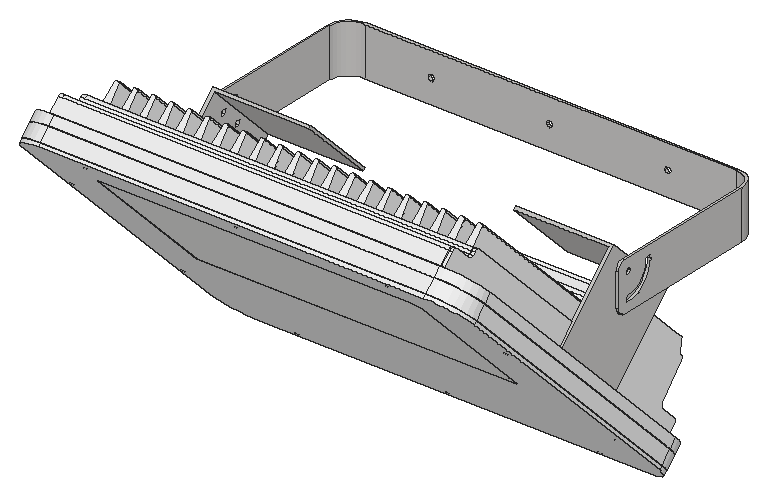
Revit family "FT ATEX LED MAX_2021", category Luminarias, Revit 2021 (continued)
Types (12, lengths in mm): name | Wattage | Power | Position | Archivo de red fotométrica | built-in parameter 1150142 | Modules | Lumens | built-in parameter 1150105 | built-in parameter 1150106 | Equiv MH
  PA204A | 90.2102 W | 97 W | 90.00° | "PA204A.ies" | "IESNA:LM-63-2002\r\n[TEST] 2020-10-2/Converted LDT Editor version 1.3.0.0 - DIAL GmbH (www.dial.de) on 15-09-2020\r\n[TESTLAB] ies2eulumdat.appspot.com\r\n[ISSUEDATE] 2020-10-06T06:28:30.847\r\n[MANUFAC] AIRFAL INTERNATIONAL S.L.\r\n[LUMCAT] PA204A\r\n[LUMINAIRE] LED MAX 98W 14244lm EXTENSIVO\r\n[LAMPCAT] TRIDONIC LED MODULE\r\n[LAMP] TRIDONIC LED MODULE\r\nTILT=NONE\r\n1\t14244\t1\t91\t72\t1\t2\t0.223\t0.200\t0.003\r\n1.0\t1.0\t103.00\r\n0\t 2\t 4\t 6\t 8\t 10\t 12\t 14\t 16\t 18\r\n20\t 22\t 24\t 26\t 28\t 30\t 32\t 34\t 36\t 38\r\n40\t 42\t 44\t 46\t 48\t 50\t 52\t 54\t 56\t 58\r\n60\t 62\t 64\t 66\t 68\t 70\t 72\t 74\t 76\t 78\r\n80\t 82\t 84\t 86\t 88\t 90\t 92\t 94\t 96\t 98\r\n100\t 102\t 104\t 106\t 108\t 110\t 112\t 114\t 116\t 118\r\n120\t 122\t 124\t 126\t 128\t 130\t 132\t 134\t 136\t 138\r\n140\t 142\t 144\t 146\t 148\t 150\t 152\t 154\t 156\t 158\r\n160\t 162\t 164\t 166\t 168\t 170\t 172\t 174\t 176\t 178\r\n180\r\n0\t 5\t 10\t 15\t 20\t 25\t 30\t 35\t 40\t 45\r\n50\t 55\t 60\t 65\t 70\t 75\t 80\t 85\t 90\t 95\r\n100\t 105\t 110\t 115\t 120\t 125\t 130\t 135\t 140\t 145\r\n150\t 155\t 160\t 165\t 170\t 175\t 180\t 185\t 190\t 195\r\n200\t 205\t 210\t 215\t 220\t 225\t 230\t 235\t 240\t 245\r\n250\t 255\t 260\t 265\t 270\t 275\t 280\t 285\t 290\t 295\r\n300\t 305\t 310\t 315\t 320\t 325\t 330\t 335\t 340\t 345\r\n350\t 355\r\n1071.861\t1073.4278\t1076.704\t1087.6718\t1095.7909\t1113.311\t1126.4155\t1141.6566\t1152.6245\t1163.5924\r\n1174.4178\t1184.2462\t1200.057\t1219.144\t1251.9052\t1289.6518\t1332.0989\t1373.6914\t1417.278\t1464.2832\r\n1512.8552\t1568.4068\t1630.0834\t1688.0564\t1756.7125\t1830.9238\t1919.379\t2027.491\t2172.0676\t2357.6669\r\n2563.92\t2788.263\t3016.3094\t3260.3092\t3514.5646\t3717.684\t3805.427\t3724.6636\t3387.5081\t2830.2828\r\n2151.8411\t1479.5243\t1006.3386\t680.0086\t481.3048\t353.6785\t0\t0\t0\t0\r\n0\t0\t0\t0\t0\t0\t0\t0\t0\t0\r\n0\t0\t0\t0\t0\t0\t0\t0\t0\t0\r\n0\t0\t0\t0\t0\t0\t0\t0\t0\t0\r\n0\t0\t0\t0\t0\t0\t0\t0\t0\t0\r\n0\r\n1068.3\t1070.7215\t1075.1371\t1084.3957\t1095.0787\t1108.8954\t1123.7092\t1136.2439\t1147.4966\t1159.4616\r\n1171.4266\t1183.9613\t1200.057\t1221.9928\t1254.6115\t1293.2128\t1335.6599\t1376.9675\t1419.2722\t1462.5739\r\n1511.7157\t1566.5551\t1627.6619\t1687.2018\t1755.1457\t1831.7784\t1921.5156\t2034.7554\t2181.0413\t2366.0708\r\n2575.6001\t2799.6582\t3030.8383\t3274.5532\t3526.672\t3719.5357\t3798.4475\t3710.2771\t3372.4094\t2821.3091\r\n2149.9894\t1492.059\t1025.9953\t704.7931\t487.1448\t356.9546\t0\t0\t0\t0\r\n0\t0\t0\t0\t0\t0\t0\t0\t0\t0\r\n0\t0\t0\t0\t0\t0\t0\t0\t0\t0\r\n0\t0\t0\t0\t0\t0\t0\t0\t0\t0\r\n0\t0\t0\t0\t0\t0\t0\t0\t0\t0\r\n0\r\n1064.739\t1068.0151\t1073.4278\t1081.1196\t1094.2241\t1104.6222\t1121.0028\t1130.8312\t1142.2264\t1155.3308\r\n1168.4353\t1183.6764\t1200.057\t1224.6991\t1257.4603\t1296.6313\t1339.2209\t1380.2436\t1421.1239\t1461.0071\r\n1510.5762\t1564.7034\t1625.2404\t1686.3472\t1753.4364\t1832.633\t1923.7946\t2042.1623\t2190.015\t2374.4748\r\n2587.4226\t2811.1958\t3045.2248\t3288.6547\t3538.6369\t3721.3874\t3791.3255\t3695.7482\t3357.4532\t2812.1929\r\n2147.9952\t1504.5937\t1045.652\t729.7201\t492.8424\t360.2308\t0\t0\t0\t0\r\n0\t0\t0\t0\t0\t0\t0\t0\t0\t0\r\n0\t0\t0\t0\t0\t0\t0\t0\t0\t0\r\n0\t0\t0\t0\t0\t0\t0\t0\t0\t0\r\n0\t0\t0\t0\t0\t0\t0\t0\t0\t0\r\n0\r\n1063.1722\t1066.7332\t1072.7156\t1081.6894\t1093.0846\t1105.6193\t1119.5784\t1131.116\t1142.7961\t1154.7611\r\n1168.1504\t1182.6793\t1200.9116\t1223.5596\t1255.4662\t1293.3552\t1333.8082\t1375.2582\t1415.996\t1461.7193\r\n1511.146\t1566.5551\t1626.6648\t1688.1989\t1758.1369\t1835.6243\t1928.0678\t2048.1448\t2201.5526\t2387.8642\r\n2604.373\t2830.2828\t3058.6141\t3299.9075\t3545.474\t3730.2187\t3792.6074\t3696.318\t3367.2816\t2813.3324\r\n2136.6\t1474.8238\t1001.4956\t689.2672\t482.7292\t354.6756\t0\t0\t0\t0\r\n0\t0\t0\t0\t0\t0\t0\t0\t0\t0\r\n0\t0\t0\t0\t0\t0\t0\t0\t0\t0\r\n0\t0\t0\t0\t0\t0\t0\t0\t0\t0\r\n0\t0\t0\t0\t0\t0\t0\t0\t0\t0\r\n0\r\n1061.4629\t1065.3088\t1071.861\t1082.2591\t1092.0875\t1106.7588\t1118.2964\t1131.4009\t1143.3659\t1154.1913\r\n1167.8656\t1181.5398\t1201.7663\t1222.4201\t1253.6144\t1290.0791\t1328.3954\t1370.4152\t1410.7258\t1462.5739\r\n1511.7157\t1568.4068\t1627.9468\t1690.193\t1762.695\t1838.6155\t1932.4835\t2054.1272\t2212.9478\t2401.2535\r\n2621.1809\t2849.3698\t3072.0035\t3311.0178\t3552.3112\t3738.9076\t3794.0318\t3696.8878\t3377.11\t2814.472\r\n2125.2048\t1445.1962\t957.1968\t648.9566\t472.6159\t349.2629\t0\t0\t0\t0\r\n0\t0\t0\t0\t0\t0\t0\t0\t0\t0\r\n0\t0\t0\t0\t0\t0\t0\t0\t0\t0\r\n0\t0\t0\t0\t0\t0\t0\t0\t0\t0\r\n0\t0\t0\t0\t0\t0\t0\t0\t0\t0\r\n0\r\n1060.1809\t1065.0239\t1071.2912\t1082.2591\t1092.0875\t1105.9042\t1119.2935\t1131.4009\t1144.6478\t1155.046\r\n1170.1446\t1184.8159\t1202.7634\t1224.6991\t1252.4749\t1286.3756\t1322.413\t1361.8688\t1402.3218\t1448.6148\r\n1497.4717\t1551.5989\t1611.5662\t1674.3822\t1747.169\t1828.2174\t1922.0854\t2046.8628\t2205.1136\t2393.9891\r\n2611.3525\t2841.3931\t3070.4366\t3309.451\t3551.1716\t3743.6081\t3814.2583\t3714.123\t3392.6359\t2832.1345\r\n2124.0653\t1425.5395\t936.8279\t634.4278\t463.0724\t342.7106\t0\t0\t0\t0\r\n0\t0\t0\t0\t0\t0\t0\t0\t0\t0\r\n0\t0\t0\t0\t0\t0\t0\t0\t0\t0\r\n0\t0\t0\t0\t0\t0\t0\t0\t0\t0\r\n0\t0\t0\t0\t0\t0\t0\t0\t0\t0\r\n0\r\n1058.7565\t1064.739\t1070.7215\t1082.2591\t1092.0875\t1105.192\t1120.433\t1131.4009\t1146.0722\t1155.9006\r\n1172.2812\t1188.092\t1203.9029\t1226.8357\t1251.3354\t1282.5298\t1316.288\t1353.4649\t1393.7754\t1434.7981\r\n1483.3702\t1534.6486\t1595.1856\t1658.5714\t1731.6431\t1817.8193\t1911.6872\t2039.4559\t2197.137\t2386.5822\r\n2601.5242\t2833.5589\t3068.7274\t3307.7417\t3550.0321\t3748.1662\t3834.4848\t3731.2158\t3408.1619\t2849.9395\r\n2122.9258\t1405.8828\t916.3165\t619.8989\t453.529\t336.1584\t0\t0\t0\t0\r\n0\t0\t0\t0\t0\t0\t0\t0\t0\t0\r\n0\t0\t0\t0\t0\t0\t0\t0\t0\t0\r\n0\t0\t0\t0\t0\t0\t0\t0\t0\t0\r\n0\t0\t0\t0\t0\t0\t0\t0\t0\t0\r\n0\r\n1059.0414\t1064.739\t1071.861\t1082.8289\t1093.6543\t1105.9042\t1121.5726\t1132.6829\t1146.9269\t1158.607\r\n1173.848\t1189.6589\t1204.4726\t1225.6962\t1249.1988\t1279.5385\t1311.73\t1348.337\t1389.5022\t1432.5191\r\n1479.5243\t1531.6573\t1590.9124\t1652.0191\t1723.2391\t1806.4241\t1900.0072\t2024.927\t2180.7564\t2370.4865\r\n2586.8528\t2820.7393\t3056.1926\t3299.3377\t3549.035\t3756.4277\t3852.7171\t3766.256\t3456.1642\t2889.253\r\n2140.4459\t1400.6125\t905.6335\t612.6344\t450.5377\t338.1526\t0\t0\t0\t0\r\n0\t0\t0\t0\t0\t0\t0\t0\t0\t0\r\n0\t0\t0\t0\t0\t0\t0\t0\t0\t0\r\n0\t0\t0\t0\t0\t0\t0\t0\t0\t0\r\n0\t0\t0\t0\t0\t0\t0\t0\t0\t0\r\n0\r\n1059.3263\t1064.739\t1073.0005\t1083.2562\t1095.3636\t1106.7588\t1122.5696\t1134.1073\t1147.6391\t1161.3133\r\n1175.5573\t1191.3682\t1205.0424\t1224.6991\t1247.0622\t1276.5473\t1307.0294\t1343.0668\t1385.0866\t1430.3825\r\n1475.6784\t1528.6661\t1586.4967\t1645.4669\t1714.6927\t1795.0289\t1888.3271\t2010.5406\t2164.3758\t2354.3908\r\n2572.0391\t2807.9197\t3043.6579\t3290.7913\t3547.8955\t3764.5468\t3870.9494\t3801.1538\t3504.3089\t2928.424\r\n2157.8236\t1395.4847\t895.093\t605.2276\t447.5465\t340.0043\t0\t0\t0\t0\r\n0\t0\t0\t0\t0\t0\t0\t0\t0\t0\r\n0\t0\t0\t0\t0\t0\t0\t0\t0\t0\r\n0\t0\t0\t0\t0\t0\t0\t0\t0\t0\r\n0\t0\t0\t0\t0\t0\t0\t0\t0\t0\r\n0\r\n1060.8931\t1065.3088\t1074.5674\t1085.2504\t1096.6456\t1109.4652\t1123.4243\t1136.5288\t1149.9181\t1164.0197\r\n1178.5486\t1192.7926\t1208.6034\t1226.8357\t1250.0534\t1274.5531\t1305.1777\t1337.9389\t1377.6797\t1420.5541\r\n1466.4198\t1518.8377\t1575.8137\t1635.3536\t1704.5795\t1787.3371\t1882.3446\t2001.5669\t2156.8265\t2345.5595\r\n2562.7805\t2799.6582\t3039.812\t3291.0762\t3552.596\t3778.7908\t3890.891\t3832.2058\t3543.4799\t2964.1764\r\n2168.5066\t1386.2261\t889.2529\t593.5475\t441.564\t334.3067\t0\t0\t0\t0\r\n0\t0\t0\t0\t0\t0\t0\t0\t0\t0\r\n0\t0\t0\t0\t0\t0\t0\t0\t0\t0\r\n0\t0\t0\t0\t0\t0\t0\t0\t0\t0\r\n0\t0\t0\t0\t0\t0\t0\t0\t0\t0\r\n0\r\n1062.6024\t1065.8785\t1076.2766\t1087.1021\t1098.07\t1112.1715\t1124.2789\t1138.9502\t1152.0547\t1166.8685\r\n1181.5398\t1194.0745\t1212.1644\t1228.9723\t1253.0447\t1272.7014\t1303.1836\t1332.6686\t1370.4152\t1410.7258\r\n1457.1612\t1509.0094\t1565.2732\t1625.2404\t1694.6087\t1779.6454\t1876.2197\t1992.5932\t2149.1347\t2336.8706\r\n2553.5219\t2791.5391\t3035.9662\t3291.3611\t3557.1541\t3792.8923\t3910.8326\t3863.4001\t3582.7933\t2999.9288\r\n2179.1896\t1376.9675\t883.5553\t581.725\t435.4391\t328.6091\t0\t0\t0\t0\r\n0\t0\t0\t0\t0\t0\t0\t0\t0\t0\r\n0\t0\t0\t0\t0\t0\t0\t0\t0\t0\r\n0\t0\t0\t0\t0\t0\t0\t0\t0\t0\r\n0\t0\t0\t0\t0\t0\t0\t0\t0\t0\r\n0\r\n1062.3175\t1066.1634\t1076.2766\t1086.8172\t1098.07\t1113.0262\t1124.9911\t1140.3746\t1153.4791\t1167.2958\r\n1182.1096\t1195.4989\t1212.8766\t1228.9723\t1250.9081\t1270.9921\t1300.1923\t1328.6803\t1364.4328\t1405.5979\r\n1451.1787\t1503.3118\t1558.7209\t1620.5399\t1689.6233\t1772.5234\t1869.2401\t1990.0292\t2147.283\t2336.016\r\n2550.8155\t2788.263\t3032.4052\t3286.2332\t3551.7414\t3788.3342\t3909.1234\t3858.9845\t3575.244\t2985.5424\r\n2163.9485\t1371.1274\t879.1397\t588.847\t439.0001\t331.8852\t0\t0\t0\t0\r\n0\t0\t0\t0\t0\t0\t0\t0\t0\t0\r\n0\t0\t0\t0\t0\t0\t0\t0\t0\t0\r\n0\t0\t0\t0\t0\t0\t0\t0\t0\t0\r\n0\t0\t0\t0\t0\t0\t0\t0\t0\t0\r\n0\r\n1062.0326\t1066.4483\t1076.2766\t1086.5323\t1098.07\t1113.8808\t1125.8458\t1141.6566\t1154.7611\t1167.8656\r\n1182.6793\t1196.7809\t1213.7312\t1228.9723\t1248.629\t1269.4253\t1297.2011\t1324.5496\t1358.3078\t1400.3276\r\n1445.1962\t1497.4717\t1552.1687\t1615.9818\t1684.7803\t1765.5438\t1862.1181\t1987.6078\t2145.2888\t2335.3038\r\n2548.1092\t2784.9869\t3028.8442\t3280.963\t3546.3287\t3783.6337\t3907.5565\t3854.5688\t3567.5522\t2971.0135\r\n2148.565\t1365.4298\t874.8665\t595.969\t442.5611\t335.0189\t0\t0\t0\t0\r\n0\t0\t0\t0\t0\t0\t0\t0\t0\t0\r\n0\t0\t0\t0\t0\t0\t0\t0\t0\t0\r\n0\t0\t0\t0\t0\t0\t0\t0\t0\t0\r\n0\t0\t0\t0\t0\t0\t0\t0\t0\t0\r\n0\r\n1060.8931\t1066.8756\t1075.7069\t1086.8172\t1098.9246\t1113.5959\t1126.4155\t1141.0868\t1154.7611\t1167.2958\r\n1182.6793\t1196.7809\t1212.8766\t1229.827\t1248.3442\t1269.1404\t1295.3494\t1323.6949\t1357.5956\t1399.0457\r\n1443.487\t1494.7654\t1550.7443\t1610.9964\t1683.071\t1764.1194\t1863.1152\t1989.4595\t2148.8498\t2341.0014\r\n2557.3678\t2792.2513\t3036.251\t3288.3698\t3553.878\t3791.6104\t3910.5478\t3842.8888\t3549.6048\t2948.6504\r\n2139.8761\t1366.5694\t883.2704\t604.6578\t450.2528\t341.856\t0\t0\t0\t0\r\n0\t0\t0\t0\t0\t0\t0\t0\t0\t0\r\n0\t0\t0\t0\t0\t0\t0\t0\t0\t0\r\n0\t0\t0\t0\t0\t0\t0\t0\t0\t0\r\n0\t0\t0\t0\t0\t0\t0\t0\t0\t0\r\n0\r\n1059.896\t1067.4454\t1075.1371\t1087.1021\t1099.6368\t1113.311\t1126.9853\t1140.6595\t1154.7611\t1166.8685\r\n1182.6793\t1196.7809\t1212.1644\t1230.6816\t1248.0593\t1268.8555\t1293.3552\t1322.8403\t1356.741\t1397.6213\r\n1441.9201\t1492.059\t1549.3199\t1606.1534\t1681.5042\t1762.695\t1864.2547\t1991.4536\t2152.4108\t2346.699\r\n2566.6264\t2799.6582\t3043.6579\t3295.7767\t3561.5698\t3799.4446\t3913.539\t3831.2087\t3531.5149\t2926.2874\r\n2131.1873\t1367.7089\t891.8168\t613.4891\t457.9446\t348.6931\t0\t0\t0\t0\r\n0\t0\t0\t0\t0\t0\t0\t0\t0\t0\r\n0\t0\t0\t0\t0\t0\t0\t0\t0\t0\r\n0\t0\t0\t0\t0\t0\t0\t0\t0\t0\r\n0\t0\t0\t0\t0\t0\t0\t0\t0\t0\r\n0\r\n1059.3263\t1066.8756\t1075.422\t1086.5323\t1099.9217\t1112.4564\t1127.2702\t1140.0898\t1154.0489\t1165.729\r\n1180.97\t1195.4989\t1210.74\t1229.827\t1248.0593\t1270.5648\t1295.6342\t1325.8315\t1360.302\t1400.8974\r\n1446.7631\t1496.1898\t1551.5989\t1610.7115\t1685.0652\t1769.2472\t1870.807\t1998.8605\t2157.8236\t2349.9751\r\n2568.3356\t2803.5041\t3047.2189\t3301.1894\t3571.3981\t3807.7061\t3913.8239\t3815.113\t3505.5908\t2905.0638\r\n2120.2194\t1371.6972\t897.7993\t618.6169\t462.7876\t351.257\t0\t0\t0\t0\r\n0\t0\t0\t0\t0\t0\t0\t0\t0\t0\r\n0\t0\t0\t0\t0\t0\t0\t0\t0\t0\r\n0\t0\t0\t0\t0\t0\t0\t0\t0\t0\r\n0\t0\t0\t0\t0\t0\t0\t0\t0\t0\r\n0\r\n1058.7565\t1066.4483\t1075.7069\t1086.105\t1100.2066\t1111.7442\t1127.555\t1139.52\t1153.1942\t1164.5894\r\n1179.4032\t1194.0745\t1209.3156\t1228.9723\t1248.0593\t1272.1316\t1297.7708\t1328.9652\t1363.863\t1404.1735\r\n1451.7485\t1500.3205\t1553.7355\t1615.412\t1688.4838\t1775.7995\t1877.3592\t2006.125\t2163.3787\t2353.2512\r\n2569.9025\t2807.35\t3050.7799\t3306.7446\t3581.2265\t3815.8252\t3914.1088\t3798.8748\t3479.6668\t2883.6978\r\n2109.2515\t1375.828\t903.7818\t623.7448\t467.773\t353.6785\t0\t0\t0\t0\r\n0\t0\t0\t0\t0\t0\t0\t0\t0\t0\r\n0\t0\t0\t0\t0\t0\t0\t0\t0\t0\r\n0\t0\t0\t0\t0\t0\t0\t0\t0\t0\r\n0\t0\t0\t0\t0\t0\t0\t0\t0\t0\r\n0\r\n1059.6112\t1065.3088\t1075.1371\t1085.2504\t1098.6397\t1112.0291\t1126.1306\t1138.9502\t1150.9152\t1162.7377\r\n1177.1242\t1192.7926\t1208.8883\t1227.1206\t1248.629\t1272.4165\t1301.047\t1333.5233\t1370.1304\t1412.435\r\n1459.2978\t1510.5762\t1564.7034\t1626.6648\t1698.8819\t1784.061\t1885.7632\t2011.965\t2170.5007\t2358.3791\r\n2577.0245\t2811.908\t3055.338\t3312.4422\t3590.2002\t3831.9209\t3926.3586\t3803.2904\t3473.9692\t2875.009\r\n2105.5481\t1372.5518\t904.6364\t622.1779\t465.4939\t351.9692\t0\t0\t0\t0\r\n0\t0\t0\t0\t0\t0\t0\t0\t0\t0\r\n0\t0\t0\t0\t0\t0\t0\t0\t0\t0\r\n0\t0\t0\t0\t0\t0\t0\t0\t0\t0\r\n0\t0\t0\t0\t0\t0\t0\t0\t0\t0\r\n0\r\n1060.3234\t1064.1692\t1074.5674\t1084.3957\t1096.9304\t1112.1715\t1124.8487\t1138.3805\t1148.7786\t1160.7436\r\n1174.9876\t1191.3682\t1208.3185\t1225.2689\t1249.1988\t1272.7014\t1304.3231\t1338.2238\t1376.3977\t1420.5541\r\n1466.9896\t1520.9743\t1575.5288\t1637.7751\t1709.28\t1792.1801\t1894.3096\t2017.6626\t2177.4803\t2363.6494\r\n2584.1465\t2816.6086\t3060.0385\t3318.1398\t3599.1739\t3848.0166\t3938.6084\t3807.7061\t3468.2716\t2866.3201\r\n2101.7022\t1369.2757\t905.3486\t620.4686\t463.3573\t350.4024\t0\t0\t0\t0\r\n0\t0\t0\t0\t0\t0\t0\t0\t0\t0\r\n0\t0\t0\t0\t0\t0\t0\t0\t0\t0\r\n0\t0\t0\t0\t0\t0\t0\t0\t0\t0\r\n0\t0\t0\t0\t0\t0\t0\t0\t0\t0\r\n0\r\n1060.3234\t1063.8844\t1074.2825\t1083.826\t1096.6456\t1110.6047\t1123.1394\t1136.5288\t1147.4966\t1160.0314\r\n1173.1358\t1189.6589\t1206.6092\t1224.4142\t1248.629\t1274.838\t1308.169\t1342.2121\t1382.0953\t1425.5395\r\n1473.5418\t1527.8114\t1582.9357\t1645.4669\t1716.9718\t1800.1567\t1899.1525\t2021.6509\t2177.7652\t2361.9401\r\n2582.1523\t2812.1929\t3052.9165\t3308.8812\t3584.5026\t3832.2058\t3931.344\t3818.3891\t3482.3731\t2878.0002\r\n2104.6934\t1371.1274\t903.212\t618.332\t460.9358\t349.5478\t0\t0\t0\t0\r\n0\t0\t0\t0\t0\t0\t0\t0\t0\t0\r\n0\t0\t0\t0\t0\t0\t0\t0\t0\t0\r\n0\t0\t0\t0\t0\t0\t0\t0\t0\t0\r\n0\t0\t0\t0\t0\t0\t0\t0\t0\t0\r\n0\r\n1060.3234\t1063.5995\t1073.9976\t1083.2562\t1096.3607\t1108.8954\t1121.5726\t1134.677\t1146.0722\t1159.1767\r\n1171.1417\t1188.092\t1205.0424\t1223.5596\t1248.0593\t1277.117\t1312.0148\t1346.3429\t1387.7929\t1430.3825\r\n1480.094\t1534.6486\t1590.3426\t1653.0162\t1724.5211\t1807.9909\t1904.1379\t2025.7817\t2178.05\t2360.3732\r\n2580.3006\t2807.9197\t3045.7945\t3299.6226\t3569.6888\t3816.3949\t3923.9371\t3828.9296\t3496.6171\t2889.6803\r\n2107.6847\t1373.1216\t901.0754\t616.1954\t458.3719\t348.6931\t0\t0\t0\t0\r\n0\t0\t0\t0\t0\t0\t0\t0\t0\t0\r\n0\t0\t0\t0\t0\t0\t0\t0\t0\t0\r\n0\t0\t0\t0\t0\t0\t0\t0\t0\t0\r\n0\t0\t0\t0\t0\t0\t0\t0\t0\t0\r\n0\r\n1060.1809\t1063.8844\t1073.0005\t1082.8289\t1094.509\t1107.3286\t1118.7238\t1132.9678\t1143.3659\t1156.4704\r\n1169.29\t1185.3857\t1202.336\t1219.9986\t1246.7773\t1275.6926\t1311.4451\t1348.0522\t1391.6388\t1436.9347\r\n1486.9312\t1542.6252\t1599.0314\t1659.5684\t1729.7914\t1808.5607\t1903.2833\t2024.2148\t2176.4832\t2358.2366\r\n2574.0332\t2800.5128\t3035.9662\t3284.8088\t3542.1979\t3778.7908\t3889.6091\t3815.5403\t3495.4776\t2896.5174\r\n2114.2369\t1377.3948\t907.3428\t622.4628\t464.4968\t352.539\t0\t0\t0\t0\r\n0\t0\t0\t0\t0\t0\t0\t0\t0\t0\r\n0\t0\t0\t0\t0\t0\t0\t0\t0\t0\r\n0\t0\t0\t0\t0\t0\t0\t0\t0\t0\r\n0\t0\t0\t0\t0\t0\t0\t0\t0\t0\r\n0\r\n1059.896\t1064.1692\t1071.861\t1082.2591\t1092.5148\t1105.6193\t1116.0174\t1131.4009\t1140.6595\t1153.764\r\n1167.2958\t1182.6793\t1199.4872\t1216.4376\t1245.3529\t1274.2682\t1310.8753\t1349.619\t1395.4847\t1443.487\r\n1493.7683\t1550.4594\t1607.7203\t1666.1207\t1734.9192\t1809.1304\t1902.4286\t2022.5056\t2174.7739\t2355.9576\r\n2567.7659\t2793.106\t3026.1378\t3270.1375\t3514.5646\t3741.0442\t3855.1386\t3802.1509\t3494.4805\t2903.3545\r\n2120.7892\t1381.8104\t913.6102\t628.7302\t470.4793\t356.3849\t0\t0\t0\t0\r\n0\t0\t0\t0\t0\t0\t0\t0\t0\t0\r\n0\t0\t0\t0\t0\t0\t0\t0\t0\t0\r\n0\t0\t0\t0\t0\t0\t0\t0\t0\t0\r\n0\t0\t0\t0\t0\t0\t0\t0\t0\t0\r\n0\r\n1059.896\t1063.8844\t1071.5761\t1080.5498\t1090.948\t1102.9129\t1114.4506\t1128.1248\t1138.9502\t1152.0547\r\n1164.3046\t1180.1154\t1196.0687\t1215.8678\t1242.3617\t1273.2712\t1312.0148\t1352.0405\t1397.0515\t1446.1933\r\n1497.4717\t1554.875\t1611.851\t1671.9607\t1739.6197\t1815.9676\t1908.2687\t2027.491\t2177.7652\t2360.0884\r\n2571.6118\t2795.5274\t3026.4227\t3262.7306\t3495.7625\t3706.7161\t3818.8164\t3773.8054\t3478.8121\t2899.5086\r\n2127.6263\t1399.9003\t930.9878\t643.9712\t483.5838\t368.065\t0\t0\t0\t0\r\n0\t0\t0\t0\t0\t0\t0\t0\t0\t0\r\n0\t0\t0\t0\t0\t0\t0\t0\t0\t0\r\n0\t0\t0\t0\t0\t0\t0\t0\t0\t0\r\n0\t0\t0\t0\t0\t0\t0\t0\t0\t0\r\n0\r\n1059.896\t1063.5995\t1071.2912\t1078.983\t1089.3811\t1100.2066\t1112.7413\t1124.8487\t1137.3834\t1150.4879\r\n1161.3133\t1177.6939\t1192.5077\t1215.4405\t1239.3704\t1272.1316\t1313.0119\t1354.6044\t1398.7608\t1448.8997\r\n1501.3176\t1559.1482\t1615.9818\t1677.6583\t1744.1778\t1822.8047\t1913.9663\t2032.3339\t2180.7564\t2364.2191\r\n2575.3152\t2798.0914\t3026.7076\t3255.3238\t3476.9604\t3672.3881\t3782.6366\t3745.4598\t3463.2862\t2895.8052\r\n2134.4634\t1417.8478\t948.508\t659.2123\t496.6883\t379.8875\t0\t0\t0\t0\r\n0\t0\t0\t0\t0\t0\t0\t0\t0\t0\r\n0\t0\t0\t0\t0\t0\t0\t0\t0\t0\r\n0\t0\t0\t0\t0\t0\t0\t0\t0\t0\r\n0\t0\t0\t0\t0\t0\t0\t0\t0\t0\r\n0\r\n1059.3263\t1063.5995\t1070.4366\t1078.4132\t1088.2416\t1098.6397\t1111.1744\t1121.9999\t1135.3892\t1147.4966\r\n1158.0372\t1174.4178\t1188.092\t1211.0249\t1236.0943\t1270.7072\t1310.8753\t1354.6044\t1400.8974\t1451.4636\r\n1504.8786\t1560.2878\t1618.973\t1678.9403\t1746.5993\t1825.7959\t1918.2395\t2036.4647\t2183.6052\t2365.5011\r\n2573.4635\t2792.8211\t3014.7426\t3237.3763\t3459.7252\t3649.1704\t3751.4423\t3709.4225\t3429.243\t2872.5875\r\n2128.6234\t1425.2546\t957.1968\t665.7646\t500.3917\t380.8846\t0\t0\t0\t0\r\n0\t0\t0\t0\t0\t0\t0\t0\t0\t0\r\n0\t0\t0\t0\t0\t0\t0\t0\t0\t0\r\n0\t0\t0\t0\t0\t0\t0\t0\t0\t0\r\n0\t0\t0\t0\t0\t0\t0\t0\t0\t0\r\n0\r\n1058.7565\t1063.5995\t1069.7244\t1077.8435\t1087.1021\t1096.9304\t1109.4652\t1119.2935\t1133.5375\t1144.363\r\n1154.7611\t1171.1417\t1183.6764\t1206.6092\t1232.8182\t1269.4253\t1308.7387\t1354.6044\t1403.1764\t1453.8851\r\n1508.4396\t1561.4273\t1621.9643\t1680.3647\t1749.1632\t1828.7872\t1922.6551\t2040.5954\t2186.3116\t2366.9255\r\n2571.6118\t2787.6932\t3002.6352\t3219.4289\t3442.6324\t3625.9526\t3720.3904\t3673.3852\t3395.0574\t2849.3698\r\n2122.9258\t1432.5191\t966.0281\t672.3168\t504.2376\t
